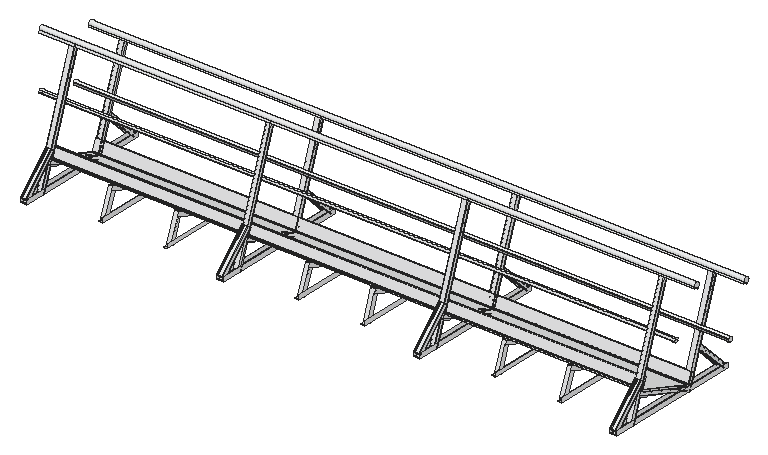
Revit family "Walkway_Kattsafe_Guardrail2Sides_Levelled", category Specialty Equipment, Revit 2025
Family settings
  Round Connector Dimension = Use Diameter
  Part Type = Normal
  OmniClass Number = 23.13.41.19
  Enable Cutting in Views = No
  Cut with Voids When Loaded = No
  Maintain Annotation Orientation = No
  Shared = No
  Room Calculation Point = No
Parameters (values of type "Type 1")
  WalkwayWidth = 600 mm  # constant formula
  WalkwayMaterial = Aluminum_Kattsafe_Mesh_Walkway
  WalkwayEnd2AngleCalc [instance] = if(1 = 1, 90.00° - WalkwayAngleEnd2, 0.00°)  # 90.00°
  WalkwayAngleEnd2 [instance] = 0.00°
  WalkwayEnd1AngleCalc [instance] = if(1 = 1, 90.00° - WalkwayAngleEnd1, 0.00°)  # 90.00°
  WalkwayAngleEnd1 [instance] = 0.00°
  Uniclass2015Version = "Products v1.23"
  Uniclass2015Title = "Working platforms"
  Uniclass2015Code = "Pr_40_70_75_96"
  URL = "https://kattsafe.com.au/"
  Type IFC Predefined Type = "USERDEFINED"
  Type Comments = "Walkway - Guardrail Both Sides - Levelled"
  ToeboardSide2Option [instance] = if(and(HandrailEnd2ReturnOptionCalc, Toeboard1), 1 > 0, 1 < 0)  # no
  ToeboardSide1Option [instance] = if(and(HandrailEnd1ReturnOptionCalc, Toeboard1), 1 > 0, 1 < 0)  # no
  Toeboard2 [instance] = yes
  Toeboard2End2OffsetLengthCalc2 [instance] = if(Toeboard2OffsetLengthEnd2 < 0 mm, abs(Toeboard2OffsetLengthEnd2), 0 mm)  # 0 mm
  Toeboard2End2OffsetLengthCalc [instance] = if(Toeboard2OffsetLengthEnd2 > 0 mm, Toeboard2OffsetLengthEnd2, 0 mm)  # 0 mm
  Toeboard2OffsetLengthEnd2 [instance] = 0 mm
  Toeboard2End1OffsetLengthCalc2 [instance] = if(Toeboard2OffsetLengthEnd1 < 0 mm, abs(Toeboard2OffsetLengthEnd1), 0 mm)  # 0 mm
  Toeboard2End1OffsetLengthCalc [instance] = if(Toeboard2OffsetLengthEnd1 > 0 mm, Toeboard2OffsetLengthEnd1, 0 mm)  # 0 mm
  Toeboard2OffsetLengthEnd1 [instance] = 0 mm
  Toeboard1 [instance] = yes
  Toeboard1End2OffsetLengthCalc2 [instance] = if(Toeboard1OffsetLengthEnd2 < 0 mm, abs(Toeboard1OffsetLengthEnd2), 0 mm)  # 0 mm
  Toeboard1End2OffsetLengthCalc [instance] = if(Toeboard1OffsetLengthEnd2 > 0 mm, Toeboard1OffsetLengthEnd2, 0 mm)  # 0 mm
  Toeboard1OffsetLengthEnd2 [instance] = 0 mm
  Toeboard1End1OffsetLengthCalc2 [instance] = if(Toeboard1OffsetLengthEnd1 < 0 mm, abs(Toeboard1OffsetLengthEnd1), 0 mm)  # 0 mm
  Toeboard1End1OffsetLengthCalc [instance] = if(Toeboard1OffsetLengthEnd1 > 0 mm, Toeboard1OffsetLengthEnd1, 0 mm)  # 0 mm
  Toeboard1OffsetLengthEnd1 [instance] = 0 mm
  SafetyDisclaimer [instance] = "WARNING! The correct placement of access, fall protection and facade maintenance systems is critical to ensure it is fit-for-purpose and safe for the operator to use. Did you know Kattsafe® have a dedicated team of Height Safety System Design Specialists? Kattsafe® provide one-on-one consultation and system design assistance to ensure you are meeting the stringent requirements of height safety and to give you PEACE OF MIND with your project."  # constant formula
  RoofPitchCalc [instance] = if(1 = 1, RoofPitch + 90.00°, 0.00°)  # 110.00°
  RoofPitch [instance] = 20.00°
  Rail2ClosureBendEnd2 [instance] = no
  Rail2ClosureBendEnd1 [instance] = no
  Rail1ClosureBendEnd2 [instance] = no
  Rail1ClosureBendEnd1 [instance] = no
  PostsSingleOption [instance] = if(and(([built-in parameter 1001306] - 56 mm - PostOffsetLengthEnd1 - PostOffsetLengthEnd2 - (PostsOffsetLength * 2)) < 1 mm, ([built-in parameter 1001306] - 56 mm - PostOffsetLengthEnd1 - PostOffsetLengthEnd2) > 1999 mm), 1 > 0, 1 < 0)  # no
  PostsActualNumberOf [instance] = PostsOffsetLengthCalc3  # 4
  PostOffsetLengthEnd2 [instance] = 0 mm
  PostsOffsetLengthCalc3 [instance] = if(PostsOffsetLengthCalc > PostsOffsetLengthCalc2, rounddown(PostsOffsetLengthCalc2), PostsOffsetLengthCalc)  # 4
  PostsOffsetLengthCalc2 [instance] = (PostsOverallLength / PostsMaxSpacingLength) + 2  # 4.972
  PostsOffsetLengthCalc [instance] = (PostsOverallLength / PostsMaxSpacingLength) + 2  # 5
  PostsNumberOfCalc3 [instance] = if(and(PostsNumberOfCalc > PostsNumberOfCalc2, PostsOverallLength > PostsMaxSpacingLength * 2), rounddown(PostsNumberOfCalc2), if(PostsOverallLength < (PostsMaxSpacingLength * 2) + 1 mm, 2, PostsNumberOfCalc))  # 2
  PostsNumberOfCalc2 [instance] = (PostsOverallLength / PostsMaxSpacingLength)  # 2.972
  PostsNumberOfCalc [instance] = (PostsOverallLength / PostsMaxSpacingLength)  # 3
  PostsMaxSpacingLength = 2000 mm  # constant formula
  PostsHeight = if(1 = 1, ManufacturerOverallHeightCalc - 42 mm, 0 mm)  # 1003 mm
  PostOffsetLengthEnd1 [instance] = 0 mm
  PostsArrayOption [instance] = if(([built-in parameter 1001306] - 56 mm - PostOffsetLengthEnd1 - PostOffsetLengthEnd2 - (PostsOffsetLength * 2)) < 1 mm, 1 < 0, 1 > 0)  # yes
  PostsOverallLength [instance] = ([built-in parameter 1001306] - 56 mm - PostOffsetLengthEnd1 - PostOffsetLengthEnd2)  # 5944 mm
  Material = Aluminum_Kattsafe_Satin
  ManufacturerOverallHeightCalc = if(ManufacturerOverallHeight < 955 mm, 955 mm, if(ManufacturerOverallHeight > 1055 mm, 1055 mm, ManufacturerOverallHeight))  # 1045 mm
  KneerailOffsetHeightCalc2 [instance] = if(KneerailOffsetHeight > 450 mm, 450 mm, KneerailOffsetHeight)  # 435 mm
  KneerailOffsetHeightCalc [instance] = if(or(Rail1ClosureBendEnd1, Rail1ClosureBendEnd2), 435 mm, KneerailOffsetHeightCalc2)  # 435 mm
  KneerailOffsetHeight [instance] = 435 mm
  PostsOffsetLength [instance] = PostsOverallLength / (PostsOffsetLengthCalc3 - 1)  # 1981.333 mm
  KneerailEnd2ReturnOffsetLengthCalc [instance] = HandrailReturnOverhangLengthEnd2 + KneerailReturnOffsetLengthEnd2  # 600 mm
  KneerailReturnOffsetLengthEnd2 [instance] = 0 mm
  KneerailEnd1ReturnOffsetLengthCalc [instance] = HandrailReturnOverhangLengthEnd1 + KneerailReturnOffsetLengthEnd1  # 600 mm
  KneerailReturnOffsetLengthEnd1 [instance] = 0 mm
  Kneerail2End2OverhangLengthCalc [instance] = if(Rail2ClosureBendEnd2, 200 mm, Handrail2End2OverhangLengthCalc + Kneerail2OffsetLengthEnd2)  # 300 mm
  Kneerail2OffsetLengthEnd2 [instance] = 0 mm
  Kneerail2End1OverhangLengthCalc [instance] = if(Rail2ClosureBendEnd1, 200 mm, Handrail2End1OverhangLengthCalc + Kneerail2OffsetLengthEnd1)  # 300 mm
  Kneerail2OffsetLengthEnd1 [instance] = 0 mm
  Kneerail1End2OverhangLengthCalc [instance] = if(Rail1ClosureBendEnd2, 200 mm, Handrail1End2OverhangLengthCalc + Kneerail1OffsetLengthEnd2)  # 200 mm
  Kneerail1OffsetLengthEnd2 [instance] = -100 mm
  Kneerail1End1OverhangLengthCalc [instance] = if(Rail1ClosureBendEnd1, 200 mm, Handrail1End1OverhangLengthCalc + Kneerail1OffsetLengthEnd1)  # 200 mm
  Kneerail1OffsetLengthEnd1 [instance] = -100 mm
  KneerailAngledOffsetHeight [instance] = KneerailOffsetHeightCalc + (-HandrailAngledOffsetHeight)  # 492 mm
  HandrailReturnOverhangLengthEnd2 [instance] = 600 mm
  HandrailEnd2ReturnOptionCalc [instance] = if(and(HandrailReturnEnd2, WalkwayAngleEnd2 = 0.00°), 1 > 0, 1 < 0)  # no
  HandrailReturnEnd2 [instance] = no
  HandrailReturnOverhangLengthEnd1 [instance] = 600 mm
  HandrailEnd1ReturnOptionCalc [instance] = if(and(HandrailReturnEnd1, WalkwayAngleEnd1 = 0.00°), 1 > 0, 1 < 0)  # no
  HandrailReturnEnd1 [instance] = no
  Handrail2End2OverhangLengthCalc [instance] = if(Rail2ClosureBendEnd2, 0 mm, Handrail2OverhangLengthEnd2)  # 300 mm
  Handrail2OverhangLengthEnd2 [instance] = 300 mm
  Handrail2End1OverhangLengthCalc [instance] = if(Rail2ClosureBendEnd1, 0 mm, Handrail2OverhangLengthEnd1)  # 300 mm
  Handrail2OverhangLengthEnd1 [instance] = 300 mm
  Handrail1End2OverhangLengthCalc [instance] = if(Rail1ClosureBendEnd2, 0 mm, Handrail1OverhangLengthEnd2)  # 300 mm
  Handrail1OverhangLengthEnd2 [instance] = 300 mm
  Handrail1End1OverhangLengthCalc [instance] = if(Rail1ClosureBendEnd1, 0 mm, Handrail1OverhangLengthEnd1)  # 300 mm
  Handrail1OverhangLengthEnd1 [instance] = 300 mm
  ModifiedIssue = 20240430
  Model = "GW7"
  ManufacturerURLProductSpecific = "https://kattsafe.com.au/products/guardrails-walkway/guardrail-and-walkway-gw"
  ManufacturerSpecCode = Model  # "GW7"
  ManufacturerOverallWidth = WalkwayWidth + 800 mm  # 1400 mm
  ManufacturerOverallLength [instance] = [built-in parameter 1001306]  # 6000 mm
  ManufacturerOverallHeight = 1045 mm
  Manufacturer = "Kattsafe®"  # constant formula
  built-in parameter 1001306 [instance] = 6000 mm
  IfcExportType = "USERDEFINED"
  IfcExportAs = "IfcBuildingElementProxy"
  HandrailClosureAngledOffsetHeight = -532 mm  # constant formula
  HandrailAngledOffsetHeight = -57 mm  # constant formula
  GuardrailHeight = ManufacturerOverallHeightCalc - 55 mm  # 990 mm
  Export Type to IFC As = "IfcBuildingElementProxy"
  ElementType = "Roof Walkway"
  Description = "Kattsafe guardrail systems are the preferred method of safe access across roofs and areas close to a fall edge. The system requires no specialist PPE, personnel or training to safely prevent a fall with a walkway to designate a safe path of access across the roof surface."  # constant formula
  Default Elevation = 0 mm
  CreatedBy = "IGS BIM Solutions"  # constant formula
  CreatedByURL = "https://igsgroup.com.au"
  BattensSingleOption [instance] = if(PostsActualNumberOf < 3, 1 > 0, 1 < 0)  # no
  BattensArrayNumberOf [instance] = if(PostsActualNumberOf < 3, 2, PostsActualNumberOf - 1)  # 3
  BattensArrayOption [instance] = if(PostsActualNumberOf < 3, 1 < 0, 1 > 0)  # yes
  BattensActualNumberOf [instance] = if((PostsOffsetLength) < 670 mm, 0, if((PostsOffsetLength) < 1000 mm, (BattensArrayNumberOf), ((BattensArrayNumberOf) * 2)))  # 6
  Assembly Code = "E1090100"
Reference planes
  plane 1 "Walkway_Front": y = -587.5
  plane 2 "Bottom": z = 0
  plane 3 "Left": x = 0
  plane 4 "Right": x = 6000
  plane 5 "Top": z = 1045
  plane 6 "Post_Back": y = -600
  plane 7 "Walkway_Bottom": z = 42
  plane 8 "Post_Centre (Front/Back)": y = -619
  plane 9 "Kneerail_Top": z = 553
  plane 10 "Handrail_Bottom": z = 988
  plane 11 "Post_Array_Left": x = 2009.333
  plane 12 "Post_Array_Right": x = 3990.667
  plane 13 "Center (Front/Back)": y = -293.75
  plane 14 "Center (Left/Right)": x = 3000
  plane 15 "Post_Left_Centre (Left/Right)": x = 28
  plane 16 "Kneerail1_Left": x = -200
  plane 17 "Post_Left": x = 0
  plane 18 "Handrail1_Left": x = -300
  plane 19 "Post_Right_Centre (Left/Right)": x = 5972
  plane 20 "Kneerail1_Right": x = 6200
  plane 21 "Post_Right": x = 6000
  plane 22 "Handrail1_Right": x = 6300
  plane 23 "Walkway_Top": z = 55
  plane 24 "Post_Front": y = -638
  plane 25 "Left_Calc": x = 0
  plane 26 "Right_Calc": x = 6000
  plane 27 "Toeboard_Bottom": z = 65
  plane 28 "Kneerail2_Left": x = -300
  plane 29 "Handrail2_Left": x = -300
  plane 30 "Kneerail2_Right": x = 6300
  plane 31 "Handrail2_Right": x = 6300
  plane 32 "Walkway_Back": y = 12.5
  plane 33 "Toeboard1_Left": x = 0
  plane 34 "Toeboard1_Left_Calc": x = 0
  plane 35 "Handrail_2_Right": x = 6000
  plane 36 "Toeboard1_Right_Calc": x = 6000
Lines and regions (mm)
  reference lines
    curve 1: line (0, -524.463, 0) -> (6000, -524.463, 0)
    curve 2: line (0, -587.5, 0) -> (0.961, -587.5, 0)
    curve 3: line (6000, -587.5, 0) -> (5998.961, -587.5, 0)
    curve 4: line (0, -638, 0) -> (0, -197.133, 1211.271)
    curve 5: line (0, 82.837, 42) -> (0, -540.18, 268.759)
    curve 6: line (0, 67.55, 0) -> (0, 425.883, 984.512)
    curve 7: line (0, 87.283, 54.216) -> (0, -535.733, 280.975)
    curve 8: line (0, 75.537, 58.491) -> (0, -488.279, 263.703)
    curve 9: line (0, 75.537, 58.491) -> (0, -488.279, 263.703)
    curve 10: line (-600, 75.537, 58.491) -> (6600, 75.537, 58.491)
    curve 11: line (6000, 75.537, 58.491) -> (6000, -435.478, 244.485)
    curve 12: line (6000, 414.137, 988.787) -> (6000, -318.824, 1255.563)
    curve 13: line (6000, 414.137, 988.787) -> (6000, -318.824, 1255.563)
    curve 14: line (6000, 414.137, 988.787) -> (6000, -318.824, 1255.563)
    curve 15: line (0, 75.537, 58.491) -> (0, -488.279, 263.703)
    curve 16: line (0, 75.537, 58.491) -> (0, -488.279, 263.703)
Text (mm)
  text "Disclaimer:\nDue to ongoing product development and manufacturing \nevolution, product details are subject to change without \nnotice. Please refer to product technical data sheets on \nthe manufacturers website for the most current product \ninformation. Please allow a +/- 5mm manufacturing \ntolerance for dimensions and set-outs shown in product \nliterature." at (10360.567, 2349.183, 0), in view "Ref. Level"
Dimensions and locks
  "built-in parameter 1001306": plane 3 "Left" to plane 4 "Right"
  "ManufacturerOverallHeightCalc": plane 5 "Top" to plane 2 "Bottom"
  "KneerailOffsetHeightCalc": plane 10 "Handrail_Bottom" to plane 9 "Kneerail_Top"
  "PostsOffsetLength": plane 12 "Post_Array_Right" to plane 19 "Post_Right_Centre (Left/Right)"
  locked: plane 5 "Top" to plane 10 "Handrail_Bottom" at 57
  "PostsOffsetLength": plane 15 "Post_Left_Centre (Left/Right)" to plane 11 "Post_Array_Left"
  locked: plane 17 "Post_Left" to plane 15 "Post_Left_Centre (Left/Right)" at 28
  "PostOffsetLengthEnd1": plane 25 "Left_Calc" to plane 17 "Post_Left"
  "Handrail1End1OverhangLengthCalc": plane 18 "Handrail1_Left" to plane 17 "Post_Left"
  "Kneerail1End1OverhangLengthCalc": plane 16 "Kneerail1_Left" to plane 17 "Post_Left"
  locked: plane 21 "Post_Right" to plane 19 "Post_Right_Centre (Left/Right)" at 28
  equal spacing: plane 3 "Left", plane 14 "Center (Left/Right)", plane 4 "Right"
  "PostOffsetLengthEnd2": plane 21 "Post_Right" to plane 26 "Right_Calc"
  "Kneerail1End2OverhangLengthCalc": plane 21 "Post_Right" to plane 20 "Kneerail1_Right"
  "Handrail1End2OverhangLengthCalc": plane 21 "Post_Right" to plane 22 "Handrail1_Right"
  locked: plane 7 "Walkway_Bottom" to plane 2 "Bottom" at 42
  locked: plane 23 "Walkway_Top" to plane 7 "Walkway_Bottom" at 13
  locked: curve 4 to nested 7 at 19
  locked: curve 4 to nested 8 at 38
  locked: curve 4 to nested 9 at 19
  locked: plane 3 "Left" to plane 25 "Left_Calc"
  locked: plane 26 "Right_Calc" to plane 4 "Right"
  curve 4 to nested 11 = 41 mm
  locked: plane 27 "Toeboard_Bottom" to plane 23 "Walkway_Top" at 10
  locked: curve 5 to curve 5 at 663
  locked: nested 12 to curve 4 at 50.5
  locked: curve 5 to nested 11 at 23
  group 1 to group 2 = 1981.333 mm
  group 1 to group 2 = 0 mm  (x2)
  equal spacing: group 3, group 4, group 5  (x3)
  locked: curve 6 to nested 15 at 19
  locked: nested 17 to curve 6
  locked: curve 6 to nested 16 at 19
  locked: curve 6 to nested 18 at 19
  "Handrail2End1OverhangLengthCalc": plane 29 "Handrail2_Left" to plane 17 "Post_Left"
  "Kneerail2End1OverhangLengthCalc": plane 28 "Kneerail2_Left" to plane 17 "Post_Left"
  "Handrail2End2OverhangLengthCalc": plane 21 "Post_Right" to plane 31 "Handrail2_Right"
  "Kneerail2End2OverhangLengthCalc": plane 21 "Post_Right" to plane 30 "Kneerail2_Right"
  locked: nested 19 to curve 6 at 3
  locked: curve 5 to nested 19 at 23
  plane 1 "Walkway_Front" to plane 6 "Post_Back" = 12.5 mm
  equal spacing: plane 32 "Walkway_Back", plane 13 "Center (Front/Back)", plane 6 "Post_Back"
  "WalkwayWidth": plane 32 "Walkway_Back" to plane 1 "Walkway_Front"
  equal spacing: plane 24 "Post_Front", plane 8 "Post_Centre (Front/Back)", plane 6 "Post_Back"
  locked: plane 24 "Post_Front" to plane 6 "Post_Back" at 38
  locked: curve 7 to curve 7 at 663
  locked: curve 5 to curve 7 at 13
  "GuardrailHeight": curve 7 to curve 4
  "GuardrailHeight": curve 7 to curve 6
  locked: curve 5 to nested 20 at 23
  locked: curve 4 to nested 20 at 16
  locked: curve 4 to nested 21 at 16
  locked: nested 21 to curve 5 at 23
  locked: nested 20 to plane 25 "Left_Calc" at 12.5
  locked: plane 26 "Right_Calc" to nested 21 at 12.5
  locked: curve 4 to nested 22 at 19
  locked: curve 4 to nested 23 at 19
  locked: curve 4 to nested 24 at 53.712
  locked: curve 4 to nested 25 at 53.712
  locked: curve 8 to curve 7
  locked: curve 4 to curve 8 at 50.5
  "WalkwayWidth": curve 1 to curve 10
  locked: curve 9 to curve 10
  locked: curve 11 to curve 10
  locked: curve 11 to curve 1
  "Toeboard2End2OffsetLengthCalc": curve 12 to curve 14
  "Toeboard2End2OffsetLengthCalc2": curve 13 to curve 14
  "Toeboard2End1OffsetLengthCalc": curve 16 to curve 9
  "Toeboard2End1OffsetLengthCalc2": curve 16 to curve 15
  "Toeboard1End1OffsetLengthCalc": plane 34 "Toeboard1_Left_Calc" to plane 25 "Left_Calc"
  "Toeboard1End1OffsetLengthCalc2": plane 34 "Toeboard1_Left_Calc" to plane 33 "Toeboard1_Left"
  "Toeboard1End2OffsetLengthCalc": plane 26 "Right_Calc" to plane 36 "Toeboard1_Right_Calc"
  "Toeboard1End2OffsetLengthCalc2": plane 35 "Handrail_2_Right" to plane 36 "Toeboard1_Right_Calc"
  "RoofPitchCalc": angle plane 2 "Bottom" to curve 4
  "RoofPitch": angle plane 2 "Bottom" to curve 5
  "RoofPitchCalc": angle plane 2 "Bottom" to curve 6
  "RoofPitch": angle plane 2 "Bottom" to curve 7
  "WalkwayEnd1AngleCalc": angle curve 1 to curve 8
  "WalkwayEnd2AngleCalc": angle curve 11 to curve 1
  aligned and locked: plane 4 "Right" to curve 1
  aligned and locked: plane 3 "Left" to curve 1
  aligned and locked: level to plane 2 "Bottom"
  aligned and locked: plane 4 "Right" to curve 3
  aligned and locked: plane 2 "Bottom" to nested 1
  aligned and locked: plane 2 "Bottom" to nested 2
  aligned and locked: plane 11 "Post_Array_Left" to nested 3
  aligned and locked: plane 2 "Bottom" to nested 3
  aligned and locked: plane 11 "Post_Array_Left" to nested 4
  aligned and locked: plane 17 "Post_Left" to nested 1
  aligned and locked: plane 21 "Post_Right" to nested 2
  aligned and locked: plane 15 "Post_Left_Centre (Left/Right)" to nested 5
  aligned and locked: plane 2 "Bottom" to nested 5
  aligned and locked: plane 15 "Post_Left_Centre (Left/Right)" to nested 6
  aligned and locked: plane 2 "Bottom" to nested 6
  aligned and locked: plane 2 "Bottom" to curve 4
  aligned and locked: plane 24 "Post_Front" to curve 4
  aligned and locked: nested 9 to plane 18 "Handrail1_Left"
  aligned and locked: plane 18 "Handrail1_Left" to nested 7
  aligned and locked: plane 16 "Kneerail1_Left" to nested 8
  aligned and locked: plane 20 "Kneerail1_Right" to nested 8
  aligned and locked: plane 22 "Handrail1_Right" to nested 7
  aligned and locked: plane 22 "Handrail1_Right" to nested 10
  aligned and locked: nested 12 to curve 5
  aligned and locked: plane 25 "Left_Calc" to nested 12
  aligned and locked: plane 26 "Right_Calc" to nested 12
  aligned and locked: nested 1 to plane 6 "Post_Back"
  aligned and locked: nested 3 to plane 6 "Post_Back"
  aligned and locked: nested 2 to plane 6 "Post_Back"
  aligned and locked: plane 12 "Post_Array_Right" to nested 13
  aligned and locked: nested 13 to plane 6 "Post_Back"
  aligned and locked: plane 2 "Bottom" to nested 13
  aligned and locked: plane 6 "Post_Back" to nested 5
  aligned and locked: plane 11 "Post_Array_Left" to nested 14
  aligned and locked: plane 6 "Post_Back" to nested 14
  aligned and locked: plane 2 "Bottom" to nested 14
  aligned and locked: plane 6 "Post_Back" to nested 6
  aligned and locked: plane 29 "Handrail2_Left" to nested 18
  aligned and locked: plane 29 "Handrail2_Left" to nested 15
  aligned and locked: nested 17 to plane 28 "Kneerail2_Left"
  aligned and locked: nested 17 to plane 30 "Kneerail2_Right"
  aligned and locked: nested 16 to plane 31 "Handrail2_Right"
  aligned and locked: plane 31 "Handrail2_Right" to nested 15
  aligned and locked: plane 7 "Walkway_Bottom" to curve 5
  aligned and locked: plane 2 "Bottom" to curve 6
  aligned and locked: curve 7 to nested 20
  aligned and locked: curve 7 to nested 21
  aligned and locked: plane 18 "Handrail1_Left" to nested 22
  aligned and locked: plane 22 "Handrail1_Right" to nested 23
  aligned and locked: plane 20 "Kneerail1_Right" to nested 25
  aligned and locked: plane 16 "Kneerail1_Left" to nested 24
  aligned and locked: curve 12 to curve 11
  aligned and locked: curve 13 to nested 19
  aligned and locked: curve 15 to nested 19
  aligned and locked: plane 35 "Handrail_2_Right" to nested 11
  aligned and locked: plane 33 "Toeboard1_Left" to nested 11
Automatic sketch dimensions
  plane 3 "Left" to curve 2 = 0.961 mm
  curve 3 to plane 4 "Right" = 1.039 mm
  curve 2 to plane 3 "Left" = 0 mm
  plane 1 "Walkway_Front" to curve 3 = 0 mm
  plane 1 "Walkway_Front" to curve 2 = 0 mm
  curve 7 to curve 10 = 12.5 mm
  curve 10 to curve 7 = 600 mm
  curve 7 to curve 10 = 6600 mm
  curve 13 to curve 12 = 0 mm
  curve 14 to curve 12 = 0 mm
  curve 12 to curve 14 = 780 mm
  curve 13 to curve 14 = 0 mm
  curve 12 to curve 13 = 0 mm
  curve 16 to curve 8 = 0 mm
  curve 15 to curve 8 = 0 mm  (x2)
  curve 16 to curve 15 = 0 mm
  curve 9 to curve 15 = 0 mm
Nested families
  nested 1: "z_Walkway_RoofMount_Kattsafe_2Guardrail_Levelled" at (58.285, -600, 0), ManufacturerOverallHeight <- "PostsHeight", RoofPitch <- "RoofPitch", type "GW357"
    with RoofPitch_Calc 110.00°, RoofPitch 20.00°, ManufacturerOverallHeight 1003 mm
  nested 2: "z_Walkway_RoofMount_Kattsafe_2Guardrail_Levelled" at (5993.285, -600, 0), ManufacturerOverallHeight <- "PostsHeight", RoofPitch <- "RoofPitch", type "GW357"
    with RoofPitch_Calc 110.00°, RoofPitch 20.00°, ManufacturerOverallHeight 1003 mm
  nested 3: "z_Walkway_RoofMount_Kattsafe_2Guardrail_Levelled" at (2035.118, -600, 0), ManufacturerOverallHeight <- "PostsHeight", visible <- "PostsArrayOption", RoofPitch <- "RoofPitch", type "GW357"
    with RoofPitch_Calc 110.00°, RoofPitch 20.00°, ManufacturerOverallHeight 1003 mm
  nested 4: "z_Walkway_RoofMount_Kattsafe_2Guardrail_Levelled" at (2035.118, -600, 0), ManufacturerOverallHeight <- "PostsHeight", visible <- "PostsSingleOption", RoofPitch <- "RoofPitch", type "GW357"
    with RoofPitch_Calc 110.00°, RoofPitch 20.00°, ManufacturerOverallHeight 1003 mm
  nested 5: "z_Walkway_LevelledBatten_Kattsafe_Array_2Guardrail" at (53.785, 98, 0), ManufacturerOverallLength <- "PostsOffsetLength", visible <- "BattensArrayOption", RoofPitch <- "RoofPitch", type "GW324"
    with RoofPitch 20.00°, ManufacturerOverallLength 1981.333 mm, Batten_Offset_Length_Calc3 3, Batten_Offset_Length_Calc2 3.9572, Batten_Offset_Length_Calc 4, Batten_Offset_Length 660.444 mm, Batten_Max_Spacing_Length 670 mm, Batten_2_Option yes, Batten_1_Option yes
  nested 6: "z_Walkway_LevelledBatten_Kattsafe_Array_2Guardrail" at (53.785, 98, 0), ManufacturerOverallLength <- "PostsOffsetLength", visible <- "BattensSingleOption", RoofPitch <- "RoofPitch", type "GW324"
    with RoofPitch 20.00°, ManufacturerOverallLength 1981.333 mm, Batten_Offset_Length_Calc3 3, Batten_Offset_Length_Calc2 3.9572, Batten_Offset_Length_Calc 4, Batten_Offset_Length 660.444 mm, Batten_Max_Spacing_Length 670 mm, Batten_2_Option yes, Batten_1_Option yes
  nested 7: "z_Guardrail_Kattsafe_HandrailTube" at (-274.215, -198.774, 1151.21) x (1, 0, 0) z (0, 0.342, 0.9397), built-in parameter 1001364 <- "HandrailAngledOffsetHeight", Material <- "Material", type "GW374"
    with Material Aluminum_Kattsafe_Satin, ManufacturerOverallLength 6600 mm
  nested 8: "z_Guardrail_Kattsafe_KneerailTube" at (-174.215, -313.583, 730.08) x (1, 0, 0) z (0, -0.342, -0.9397), built-in parameter 1001364 <- "KneerailAngledOffsetHeight", Material <- "Material", type "GW375"
    with Material Aluminum_Kattsafe_Satin, ManufacturerOverallLength 6400 mm
  nested 9: "z_Guardrail_Kattsafe_HandrailClosureBend" at (-674.215, -361.234, 704.856) x (1, 0, 0) z (0, 0.342, 0.9397), built-in parameter 1001364 <- "HandrailClosureAngledOffsetHeight", visible <- "Rail1ClosureBendEnd1", Material <- "Material", type "GW387"
    with Material Aluminum_Kattsafe_Satin, ManufacturerOverallLength 400 mm
  nested 10: "z_Guardrail_Kattsafe_HandrailClosureBend" at (6674.215, -361.234, 704.856) x (-1, 0, 0) z (0, 0.342, 0.9397), built-in parameter 1001364 <- "HandrailClosureAngledOffsetHeight", visible <- "Rail1ClosureBendEnd2", Material <- "Material", type "GW387"
    with Material Aluminum_Kattsafe_Satin, ManufacturerOverallLength 400 mm
  nested 11: "z_Guardrail_Kattsafe_ToeBoard" at (25.785, -505.532, 280.625) x (1, 0, 0) z (0, 0.342, 0.9397), visible <- "Toeboard1", Material <- "Material", type "GW320"
    with Material Aluminum_Kattsafe_Satin, ManufacturerOverallLength 6000 mm
  nested 12: "z_Walkway_Kattsafe_Aluminium" at (25.785, -210.817, 148.881) x (1, 0, 0) z (0, 0.342, 0.9397), End1_Angle <- "WalkwayAngleEnd1", End2_Angle <- "WalkwayAngleEnd2", Material <- "Material", ManufacturerOverallWidth <- "WalkwayWidth", WalkwayMaterial <- "WalkwayMaterial", type "GW335.6000"
    with WalkwayMaterial Aluminum_Kattsafe_Mesh_Walkway, Material Aluminum_Kattsafe_Satin, ManufacturerOverallWidth 600 mm, ManufacturerOverallLength 6000 mm, End2_Angle_Calc 90.00°, End2_Angle 0.00°, End1_Angle_Calc 90.00°, End1_Angle 0.00°
  nested 13: "z_Walkway_RoofMount_Kattsafe_2Guardrail_Levelled" at (4016.451, -600, 0), ManufacturerOverallHeight <- "PostsHeight", visible <- "PostsArrayOption", RoofPitch <- "RoofPitch", type "GW357"
    with RoofPitch_Calc 110.00°, RoofPitch 20.00°, ManufacturerOverallHeight 1003 mm
  nested 14: "z_Walkway_LevelledBatten_Kattsafe_Array_2Guardrail" at (2035.118, 98, 0), ManufacturerOverallLength <- "PostsOffsetLength", visible <- "BattensArrayOption", RoofPitch <- "RoofPitch", type "GW324"
    with RoofPitch 20.00°, ManufacturerOverallLength 1981.333 mm, Batten_Offset_Length_Calc3 3, Batten_Offset_Length_Calc2 3.9572, Batten_Offset_Length_Calc 4, Batten_Offset_Length 660.444 mm, Batten_Max_Spacing_Length 670 mm, Batten_2_Option yes, Batten_1_Option yes
  nested 15: "z_Guardrail_Kattsafe_HandrailTube" at (-274.215, 424.242, 924.451) x (1, 0, 0) z (0, 0.342, 0.9397), built-in parameter 1001364 <- "HandrailAngledOffsetHeight", Material <- "Material", type "GW374"
    with Material Aluminum_Kattsafe_Satin, ManufacturerOverallLength 6600 mm
  nested 16: "z_Guardrail_Kattsafe_HandrailClosureBend" at (6674.215, 261.782, 478.097) x (-1, 0, 0) z (0, 0.342, 0.9397), built-in parameter 1001364 <- "HandrailClosureAngledOffsetHeight", visible <- "Rail2ClosureBendEnd2", Material <- "Material", type "GW387"
    with Material Aluminum_Kattsafe_Satin, ManufacturerOverallLength 400 mm
  nested 17: "z_Guardrail_Kattsafe_KneerailTube" at (-274.215, 241.493, 528.049) x (1, 0, 0) z (0, -0.342, -0.9397), built-in parameter 1001364 <- "KneerailAngledOffsetHeight", Material <- "Material", type "GW375"
    with Material Aluminum_Kattsafe_Satin, ManufacturerOverallLength 6600 mm
  nested 18: "z_Guardrail_Kattsafe_HandrailClosureBend" at (-674.215, 261.782, 478.097) x (1, 0, 0) z (0, 0.342, 0.9397), built-in parameter 1001364 <- "HandrailClosureAngledOffsetHeight", visible <- "Rail2ClosureBendEnd1", Material <- "Material", type "GW387"
    with Material Aluminum_Kattsafe_Satin, ManufacturerOverallLength 400 mm
  nested 19: "z_Guardrail_Kattsafe_ToeBoard" at (25.785, 133.832, 154.333) x (1, 0, 0) z (0, -0.342, -0.9397), visible <- "Toeboard2", Material <- "Material", type "GW320"
    with Material Aluminum_Kattsafe_Satin, ManufacturerOverallLength 6000 mm
  nested 20: "z_Guardrail_Kattsafe_ToeBoard" at (-22, 66.474, 72.432) x (0, -0.9397, 0.342) z (0, 0.342, 0.9397), visible <- "ToeboardSide1Option", Material <- "Material", type "GW320"
    with Material Aluminum_Kattsafe_Satin, ManufacturerOverallLength 647 mm
  nested 21: "z_Guardrail_Kattsafe_ToeBoard" at (6022, -493.049, 276.081) x (0, 0.9397, -0.342) z (0, 0.342, 0.9397), visible <- "ToeboardSide2Option", Material <- "Material", type "GW320"
    with Material Aluminum_Kattsafe_Satin, ManufacturerOverallLength 647 mm
  nested 22: "z_Guardrail_Kattsafe_HandrailTube" at (-275, -174.545, 1142.391) x (0, 0.9397, -0.342) z (0, 0.342, 0.9397), built-in parameter 1001364 <- "HandrailAngledOffsetHeight", ManufacturerOverallLength <- "HandrailReturnOverhangLengthEnd1", visible <- "HandrailEnd1ReturnOptionCalc", Material <- "Material", type "GW374"
    with Material Aluminum_Kattsafe_Satin, ManufacturerOverallLength 600 mm
  nested 23: "z_Guardrail_Kattsafe_HandrailTube" at (6275, -174.545, 1142.391) x (0, 0.9397, -0.342) z (0, 0.342, 0.9397), built-in parameter 1001364 <- "HandrailAngledOffsetHeight", ManufacturerOverallLength <- "HandrailReturnOverhangLengthEnd2", visible <- "HandrailEnd2ReturnOptionCalc", Material <- "Material", type "GW374"
    with Material Aluminum_Kattsafe_Satin, ManufacturerOverallLength 600 mm
  nested 24: "z_Guardrail_Kattsafe_KneerailTube" at (-182.85, 224.652, 534.178) x (0, -0.9397, 0.342) z (0, -0.342, -0.9397), built-in parameter 1001364 <- "KneerailAngledOffsetHeight", ManufacturerOverallLength <- "KneerailEnd1ReturnOffsetLengthCalc", visible <- "HandrailEnd1ReturnOptionCalc", Material <- "Material", type "GW375"
    with Material Aluminum_Kattsafe_Satin, ManufacturerOverallLength 600 mm
  nested 25: "z_Guardrail_Kattsafe_KneerailTube" at (6182.85, -290.705, 721.753) x (0, 0.9397, -0.342) z (0, -0.342, -0.9397), built-in parameter 1001364 <- "KneerailAngledOffsetHeight", ManufacturerOverallLength <- "KneerailEnd2ReturnOffsetLengthCalc", visible <- "HandrailEnd2ReturnOptionCalc", Material <- "Material", type "GW375"
    with Material Aluminum_Kattsafe_Satin, ManufacturerOverallLength 600 mm
  nested 26: "z_Walkway_LevelledBatten_Kattsafe_Array_2Guardrail" at (4016.451, 98, 0), ManufacturerOverallLength <- "PostsOffsetLength", visible <- "BattensArrayOption", RoofPitch <- "RoofPitch", type "GW324"
    with RoofPitch 20.00°, ManufacturerOverallLength 1981.333 mm, Batten_Offset_Length_Calc3 3, Batten_Offset_Length_Calc2 3.9572, Batten_Offset_Length_Calc 4, Batten_Offset_Length 660.444 mm, Batten_Max_Spacing_Length 670 mm, Batten_2_Option yes, Batten_1_Option yes
Definition of nested family "z_Walkway_RoofMount_Kattsafe_2Guardrail_Levelled"
  Parameters (values of type "GW357")
    URL = "https://kattsafe.com.au/"
    Type Comments = ""
    RoofPitch_Calc [instance] = if(1 = 1, RoofPitch + 90.00°, 0.00°)  # 110.00°
    RoofPitch [instance] = 20.00°
    ModifiedIssue = 20191010
    Model = "GW357"
    Material = none
    ManufacturerURLProductSpecific = ""
    ManufacturerSpecCode = Model  # "GW357"
    ManufacturerOverallWidth = 65 mm  # constant formula
    ManufacturerOverallHeight [instance] = 1058 mm
    ManufacturerOverallDepth = 1400 mm  # constant formula
    Manufacturer = "SAYFA"  # constant formula
    Keynote = ""
    Description = "Sentry Roof Mount Double Guardrail Post with Walkway Support (Levelled)"
    Default Elevation = 0 mm  # constant formula
    CreatedBy = "IGS BIM Solutions"  # constant formula
    CreatedByURL = "https://igsgroup.com.au"
  Reference planes
    plane 1 "Bottom": z = 0
    plane 2 "Post_Back": y = 0
    plane 3 "Post_Front": y = -38
    plane 4 "Center (Left/Right)": x = -25.785
    plane 5 "Top": z = 1058
    plane 6 "Post_Right": x = 2.215
    plane 7 "Post_Left": x = -53.785
    plane 8 "Front": y = -225.831
    plane 9 "Base Channel_Top": z = 40
    plane 10 "Post_Centre (Front/Back)": y = -19
    plane 11 "Brace_Top": z = 356.198
    plane 12 "Left": x = -58.285
    plane 13 "Right": x = 6.715
    plane 14 "Back": y = 1174.169
  Forms (mm)
    Sweep 1, solid, material <- "Material"
      path origin (-25.785, 0, 0) x (0, 1, 0) y (0, 0, 1)
        loop
          line (1174.169, 40) -> (-225.831, 40)
      profile origin (-25.785, 474.169, 40) x (0, 0, -1) y (1, 0, 0)
        loop
          line (40, 32.5) -> (1.5, 32.5)
          arc (1.5, 32.5) -> (0, 31) -> (1.5, 29.5) r 1.5
          line (1.5, 29.5) -> (37, 29.5) -> (37, 19.5) -> (34.5, 19.5)
          arc (34.5, 19.5) -> (34, 19) -> (34.5, 18.5) r 0.5
          line (34.5, 18.5) -> (37, 18.5) -> (37, -18.5) -> (34.5, -18.5)
          arc (34.5, -18.5) -> (34, -19) -> (34.5, -19.5) r 0.5
          line (34.5, -19.5) -> (37, -19.5) -> (37, -29.5) -> (1.5, -29.5)
          arc (1.5, -29.5) -> (0, -31) -> (1.5, -32.5) r 1.5
          line (1.5, -32.5) -> (40, -32.5) -> (40, 32.5)
    SweptBlend 2, solid, material <- "Material"
      path origin (-25.785, 0, 0) x (0, 1, 0) y (0, 0, 1)
        loop
          line (90.367, 356.198) -> (-225.831, 40)
      profile origin (-25.785, 90.367, 356.198) x (0, 0.707107, -0.707107) y (1, 0, 0)
        loop
          line (0, 32.5) -> (0, -32.5) -> (36.5, -32.5)
          arc (36.5, -32.5) -> (38, -31) -> (36.5, -29.5) r 1.5
          line (36.5, -29.5) -> (3, -29.5) -> (3, -19.5) -> (5.5, -19.5)
          arc (5.5, -19.5) -> (6, -19) -> (5.5, -18.5) r 0.5
          line (5.5, -18.5) -> (3, -18.5) -> (3, 18.5) -> (5.5, 18.5)
          arc (5.5, 18.5) -> (6, 19) -> (5.5, 19.5) r 0.5
          line (5.5, 19.5) -> (3, 19.5) -> (3, 29.5) -> (36.5, 29.5)
          arc (36.5, 29.5) -> (38, 31) -> (36.5, 32.5) r 1.5
          line (36.5, 32.5) -> (0, 32.5)
      end profile origin (-25.785, -225.831, 40) x (0, 0.707107, -0.707107) y (1, 0, 0)
        loop
          line (0, 29.5) -> (0, -35.5) -> (36.5, -35.5)
          arc (36.5, -35.5) -> (38, -34) -> (36.5, -32.5) r 1.5
          line (36.5, -32.5) -> (3, -32.5) -> (3, -22.5) -> (5.5, -22.5)
          arc (5.5, -22.5) -> (6, -22) -> (5.5, -21.5) r 0.5
          line (5.5, -21.5) -> (3, -21.5) -> (3, 15.5) -> (5.5, 15.5)
          arc (5.5, 15.5) -> (6, 16) -> (5.5, 16.5) r 0.5
          line (5.5, 16.5) -> (3, 16.5) -> (3, 26.5) -> (36.5, 26.5)
          arc (36.5, 26.5) -> (38, 28) -> (36.5, 29.5) r 1.5
          line (36.5, 29.5) -> (0, 29.5)
    Sweep 3, solid, material <- "Material"
      path origin (-25.785, 0, 0) x (0, 1, 0) y (0, 0, 1)
        loop
          line (-38, 0) -> (406.391, 1220.954)
      profile origin (-25.785, 184.195, 610.477) x (0, -0.939693, 0.34202) y (1, 0, 0)
        loop
          arc (-38, -23) -> (-36.536, -26.536) -> (-33, -28) r 5
          line (-33, -28) -> (-5, -28)
          arc (-5, -28) -> (-1.464, -26.536) -> (0, -23) r 5
          line (0, -23) -> (0, 23)
          arc (0, 23) -> (-1.464, 26.536) -> (-5, 28) r 5
          line (-5, 28) -> (-33, 28)
          arc (-33, 28) -> (-36.536, 26.536) -> (-38, 23) r 5
          line (-38, 23) -> (-38, -23)
    SweptBlend 4, solid, material <- "Material"
      path origin (-25.785, 0, 0) x (0, 1, 0) y (0, 0, 1)
        loop
          line (682.109, 40) -> (76.947, 260.261)
      profile origin (-25.785, 682.109, 40) x (0, -0.34202, -0.939693) y (1, 0, 0)
        loop
          line (0, 29.5) -> (0, -35.5) -> (35.702, -35.5)
          spline (35.702, -35.5) -> (36.082, -35.449) -> (36.436, -35.299) -> (36.74, -35.061) -> (36.973, -34.75) -> (37.12, -34.388) -> (37.17, -34) -> (37.12, -33.612) -> (36.973, -33.25) -> (36.74, -32.939) -> (36.436, -32.701) -> (36.082, -32.551) -> (35.702, -32.5)
          line (35.702, -32.5) -> (2.934, -32.5) -> (2.934, -22.5) -> (5.38, -22.5)
          spline (5.38, -22.5) -> (5.506, -22.483) -> (5.624, -22.433) -> (5.726, -22.354) -> (5.803, -22.25) -> (5.852, -22.129) -> (5.869, -22) -> (5.852, -21.871) -> (5.803, -21.75) -> (5.726, -21.646) -> (5.624, -21.567) -> (5.506, -21.517) -> (5.38, -21.5)
          line (5.38, -21.5) -> (2.934, -21.5) -> (2.934, 15.5) -> (5.38, 15.5)
          spline (5.38, 15.5) -> (5.506, 15.517) -> (5.624, 15.567) -> (5.726, 15.646) -> (5.803, 15.75) -> (5.852, 15.871) -> (5.869, 16) -> (5.852, 16.129) -> (5.803, 16.25) -> (5.726, 16.354) -> (5.624, 16.433) -> (5.506, 16.483) -> (5.38, 16.5)
          line (5.38, 16.5) -> (2.934, 16.5) -> (2.934, 26.5) -> (35.702, 26.5)
          spline (35.702, 26.5) -> (36.082, 26.551) -> (36.436, 26.701) -> (36.74, 26.939) -> (36.973, 27.25) -> (37.12, 27.612) -> (37.17, 28) -> (37.12, 28.388) -> (36.973, 28.75) -> (36.74, 29.061) -> (36.436, 29.299) -> (36.082, 29.449) -> (35.702, 29.5)
          line (35.702, 29.5) -> (0, 29.5)
      end profile origin (-25.785, 76.947, 260.261) x (0, -0.34202, -0.939693) y (1, 0, 0)
        loop
          line (0, 32.5) -> (0, -32.5) -> (35.702, -32.5)
          spline (35.702, -32.5) -> (36.082, -32.449) -> (36.436, -32.299) -> (36.74, -32.061) -> (36.973, -31.75) -> (37.12, -31.388) -> (37.17, -31) -> (37.12, -30.612) -> (36.973, -30.25) -> (36.74, -29.939) -> (36.436, -29.701) -> (36.082, -29.551) -> (35.702, -29.5)
          line (35.702, -29.5) -> (2.934, -29.5) -> (2.934, -19.5) -> (5.38, -19.5)
          spline (5.38, -19.5) -> (5.506, -19.483) -> (5.624, -19.433) -> (5.726, -19.354) -> (5.803, -19.25) -> (5.852, -19.129) -> (5.869, -19) -> (5.852, -18.871) -> (5.803, -18.75) -> (5.726, -18.646) -> (5.624, -18.567) -> (5.506, -18.517) -> (5.38, -18.5)
          line (5.38, -18.5) -> (2.934, -18.5) -> (2.934, 18.5) -> (5.38, 18.5)
          spline (5.38, 18.5) -> (5.506, 18.517) -> (5.624, 18.567) -> (5.726, 18.646) -> (5.803, 18.75) -> (5.852, 18.871) -> (5.869, 19) -> (5.852, 19.129) -> (5.803, 19.25) -> (5.726, 19.354) -> (5.624, 19.433) -> (5.506, 19.483) -> (5.38, 19.5)
          line (5.38, 19.5) -> (2.934, 19.5) -> (2.934, 29.5) -> (35.702, 29.5)
          spline (35.702, 29.5) -> (36.082, 29.551) -> (36.436, 29.701) -> (36.74, 29.939) -> (36.973, 30.25) -> (37.12, 30.612) -> (37.17, 31) -> (37.12, 31.388) -> (36.973, 31.75) -> (36.74, 32.061) -> (36.436, 32.299) -> (36.082, 32.449) -> (35.702, 32.5)
          line (35.702, 32.5) -> (0, 32.5)
    Sweep 5, solid, material <- "Material"
      path origin (-25.785, 0, 0) x (0, 1, 0) y (0, 0, 1)
        loop
          line (667.55, 0) -> (1029.407, 994.195)
      profile origin (-25.785, 848.479, 497.097) x (0, -0.939693, 0.34202) y (1, 0, 0)
        loop
          arc (-38, -23) -> (-36.536, -26.536) -> (-33, -28) r 5
          line (-33, -28) -> (-5, -28)
          arc (-5, -28) -> (-1.464, -26.536) -> (0, -23) r 5
          line (0, -23) -> (0, 23)
          arc (0, 23) -> (-1.464, 26.536) -> (-5, 28) r 5
          line (-5, 28) -> (-33, 28)
          arc (-33, 28) -> (-36.536, 26.536) -> (-38, 23) r 5
          line (-38, 23) -> (-38, -23)
    SweptBlend 6, solid, material <- "Material"
      path origin (-25.785, 0, 0) x (0, 1, 0) y (0, 0, 1)
        loop
          line (837.634, 356.198) -> (1153.832, 40)
      profile origin (-25.785, 837.634, 356.198) x (0, 0.707107, 0.707107) y (1, 0, 0)
        loop
          line (0, 32.5) -> (-36.5, 32.5)
          arc (-36.5, 32.5) -> (-38, 31) -> (-36.5, 29.5) r 1.5
          line (-36.5, 29.5) -> (-3, 29.5) -> (-3, 19.5) -> (-5.5, 19.5)
          arc (-5.5, 19.5) -> (-6, 19) -> (-5.5, 18.5) r 0.5
          line (-5.5, 18.5) -> (-3, 18.5) -> (-3, -18.5) -> (-5.5, -18.5)
          arc (-5.5, -18.5) -> (-6, -19) -> (-5.5, -19.5) r 0.5
          line (-5.5, -19.5) -> (-3, -19.5) -> (-3, -29.5) -> (-36.5, -29.5)
          arc (-36.5, -29.5) -> (-38, -31) -> (-36.5, -32.5) r 1.5
          line (-36.5, -32.5) -> (0, -32.5) -> (0, 32.5)
      end profile origin (-25.785, 1153.832, 40) x (0, 0.707107, 0.707107) y (1, 0, 0)
        loop
          line (0, 29.5) -> (-36.5, 29.5)
          arc (-36.5, 29.5) -> (-38, 28) -> (-36.5, 26.5) r 1.5
          line (-36.5, 26.5) -> (-3, 26.5) -> (-3, 16.5) -> (-5.5, 16.5)
          arc (-5.5, 16.5) -> (-6, 16) -> (-5.5, 15.5) r 0.5
          line (-5.5, 15.5) -> (-3, 15.5) -> (-3, -21.5) -> (-5.5, -21.5)
          arc (-5.5, -21.5) -> (-6, -22) -> (-5.5, -22.5) r 0.5
          line (-5.5, -22.5) -> (-3, -22.5) -> (-3, -32.5) -> (-36.5, -32.5)
          arc (-36.5, -32.5) -> (-38, -34) -> (-36.5, -35.5) r 1.5
          line (-36.5, -35.5) -> (0, -35.5) -> (0, 29.5)
  Cuts and joins
    joined: Sweep 3, SweptBlend 4
  Lines and regions (mm)
    reference lines
      curve 1: line (-25.785, 92.377, 358.209) -> (-25.785, -225.831, 40)
      curve 2: line (-25.785, -38, 0) -> (-25.785, 406.391, 1220.954)
      curve 3: line (-25.785, 682.109, 40) -> (-25.785, 59.092, 266.759)
      curve 4: line (-25.785, 667.55, 0) -> (-25.785, 1029.407, 994.195)
      curve 5: line (-25.785, 707.989, 0) -> (-25.785, 837.634, 356.198)
      curve 6: line (-25.785, 837.634, 356.198) -> (-25.785, 1153.832, 40)
      curve 7: line (-25.785, 1029.407, 994.195) -> (-25.785, 406.391, 1220.954)
  Dimensions and locks
    "ManufacturerOverallHeight": plane 5 "Top" to plane 1 "Bottom"
    locked: plane 7 "Post_Left" to plane 6 "Post_Right" at 56
    equal spacing: plane 7 "Post_Left", plane 4 "Center (Left/Right)", plane 6 "Post_Right"
    plane 9 "Base Channel_Top" to plane 1 "Bottom" = 40 mm
    Sweep 1 sketch curve to profile plane to Sweep 1 sketch curve = 32.5 mm locked, 32.5 mm locked
    Sweep 1 sketch curve to profile plane to Sweep 1 sketch curve = 29.5 mm locked, 29.5 mm locked
    locked: profile plane to Sweep 1 sketch curve
    locked: profile plane to Sweep 1 sketch curve at 0
    locked: profile plane to Sweep 1 sketch curve at 37  (x3)
    locked: profile plane to Sweep 1 sketch curve at 40
    equal spacing: plane 3 "Post_Front", plane 10 "Post_Centre (Front/Back)", plane 2 "Post_Back"
    locked: profile plane to Sweep 1 sketch curve at 34  (x2)
    Sweep 1 sketch curve to profile plane to Sweep 1 sketch curve = 18.5 mm locked, 18.5 mm locked
    Sweep 1 sketch curve to profile plane to Sweep 1 sketch curve = 19.5 mm locked, 19.5 mm locked
    equal spacing: plane 12 "Left", plane 4 "Center (Left/Right)", plane 13 "Right"
    "ManufacturerOverallWidth": plane 12 "Left" to plane 13 "Right"
    locked: plane 2 "Post_Back" to plane 3 "Post_Front" at 38
    locked: Sweep 3 sketch curve to profile plane at 38
    equal spacing: Sweep 3 sketch curve, profile plane, Sweep 3 sketch curve, locked at 28 each
    locked: Sweep 3 sketch curve to Sweep 3 sketch curve at 56
    locked: curve 2 to Sweep 3 sketch curve at 0
    locked: curve 2 to curve 3 at 663
    locked: curve 2 to SweptBlend 4 sketch curve at 19
    curve 2 to curve 4 = 663 mm
    "ManufacturerOverallHeight": curve 4 to curve 4
    locked: curve 4 to Sweep 5 sketch curve
    Sweep 5 sketch curve to Sweep 5 sketch curve = 56 mm
    locked: Sweep 5 sketch curve to Sweep 5 sketch curve at 56
    plane 3 "Post_Front" to plane 8 "Front" = 187.831 mm
    locked: curve 4 to curve 5 at 38
    locked: curve 1 to Sweep 1 sketch curve at 0
    "ManufacturerOverallDepth": plane 14 "Back" to plane 8 "Front"
    "ManufacturerOverallDepth": Sweep 1 sketch curve to Sweep 1 sketch curve
    radius of Sweep 3 sketch curve = 5 mm  (x4)
    radius of Sweep 5 sketch curve = 5 mm  (x4)
    locked: curve 1 to plane 11 "Brace_Top" (angle 45.00°)
    "RoofPitch_Calc": angle plane 1 "Bottom" to curve 2
    "RoofPitch": angle plane 1 "Bottom" to curve 3
    "RoofPitch_Calc": angle plane 1 "Bottom" to curve 4
    "RoofPitch_Calc": angle plane 1 "Bottom" to curve 5
    locked: plane 11 "Brace_Top" to curve 6 (angle 45.00°)
    angle curve 4 to curve 7 = 90.00°
    aligned and locked: level to plane 1 "Bottom"
    aligned and locked: curve 1 to SweptBlend 2 sketch curve
    aligned and locked: plane 11 "Brace_Top" to SweptBlend 2 sketch curve
    aligned and locked: plane 3 "Post_Front" to curve 2
    aligned and locked: plane 1 "Bottom" to curve 2
    aligned and locked: curve 2 to Sweep 3 sketch curve
    aligned and locked: profile plane to Sweep 3 sketch curve
    aligned and locked: plane 1 "Bottom" to Sweep 3 sketch curve
    aligned and locked: plane 9 "Base Channel_Top" to curve 1
    aligned and locked: curve 3 to SweptBlend 4 sketch curve
    aligned and locked: plane 9 "Base Channel_Top" to curve 3
    aligned and locked: Sweep 5 sketch curve to curve 4
    aligned and locked: plane 1 "Bottom" to Sweep 5 sketch curve
    aligned and locked: plane 1 "Bottom" to curve 4
    aligned and locked: plane 1 "Bottom" to curve 5
    aligned and locked: plane 11 "Brace_Top" to curve 5
    aligned and locked: plane 9 "Base Channel_Top" to curve 6
    aligned and locked: SweptBlend 6 sketch curve to curve 6
    aligned and locked: plane 9 "Base Channel_Top" to SweptBlend 6 sketch curve
  Automatic sketch dimensions
    plane 9 "Base Channel_Top" to SweptBlend 2 sketch curve = 0 mm
    SweptBlend 2 sketch curve to profile plane = 0 mm  (x2)
    SweptBlend 2 sketch curve to profile plane = 3 mm  (x4)
    SweptBlend 2 sketch curve to SweptBlend 2 sketch curve = 0 mm  (x2)
    SweptBlend 2 sketch curve to SweptBlend 2 sketch curve = 2.5 mm  (x4)
    SweptBlend 2 sketch curve to SweptBlend 2 sketch curve = 31 mm  (x4)
    SweptBlend 2 sketch curve to plane 4 "Center (Left/Right)" = 32.5 mm
    SweptBlend 2 sketch curve to SweptBlend 2 sketch curve = 1.5 mm  (x4)
    SweptBlend 2 sketch curve to SweptBlend 2 sketch curve = 10 mm  (x4)
    SweptBlend 2 sketch curve to SweptBlend 2 sketch curve = 0.5 mm  (x4)
    plane 4 "Center (Left/Right)" to SweptBlend 2 sketch curve = 18.5 mm
    SweptBlend 2 sketch curve to plane 4 "Center (Left/Right)" = 35.5 mm
    plane 4 "Center (Left/Right)" to SweptBlend 2 sketch curve = 15.5 mm
    plane 9 "Base Channel_Top" to SweptBlend 4 sketch curve = 0 mm
    SweptBlend 4 sketch curve to profile plane = 0 mm  (x2)
    SweptBlend 4 sketch curve to profile plane = 2.934 mm  (x6)
    SweptBlend 4 sketch curve to SweptBlend 4 sketch curve = 2.445 mm  (x4)
    SweptBlend 4 sketch curve to SweptBlend 4 sketch curve = 30.323 mm  (x4)
    SweptBlend 4 sketch curve to plane 4 "Center (Left/Right)" = 35.5 mm
    SweptBlend 4 sketch curve to SweptBlend 4 sketch curve = 3 mm  (x4)
    SweptBlend 4 sketch curve to SweptBlend 4 sketch curve = 10 mm  (x4)
    SweptBlend 4 sketch curve to SweptBlend 4 sketch curve = 1 mm  (x4)
    plane 4 "Center (Left/Right)" to SweptBlend 4 sketch curve = 15.5 mm
    SweptBlend 4 sketch curve to plane 4 "Center (Left/Right)" = 32.5 mm
    plane 4 "Center (Left/Right)" to SweptBlend 4 sketch curve = 18.5 mm
    Sweep 5 sketch curve to profile plane = 0 mm
    Sweep 5 sketch curve to Sweep 5 sketch curve = 28 mm
    Sweep 5 sketch curve to plane 4 "Center (Left/Right)" = 28 mm
    plane 11 "Brace_Top" to SweptBlend 6 sketch curve = 0 mm
    profile plane to SweptBlend 6 sketch curve = 36.5 mm  (x4)
    profile plane to SweptBlend 6 sketch curve = 5.5 mm  (x4)
    SweptBlend 6 sketch curve to SweptBlend 6 sketch curve = 2.5 mm  (x4)
    SweptBlend 6 sketch curve to SweptBlend 6 sketch curve = 3 mm  (x2)
    SweptBlend 6 sketch curve to plane 4 "Center (Left/Right)" = 32.5 mm
    SweptBlend 6 sketch curve to SweptBlend 6 sketch curve = 1.5 mm  (x4)
    SweptBlend 6 sketch curve to SweptBlend 6 sketch curve = 10 mm  (x4)
    SweptBlend 6 sketch curve to SweptBlend 6 sketch curve = 0.5 mm  (x4)
    plane 4 "Center (Left/Right)" to SweptBlend 6 sketch curve = 18.5 mm
    profile plane to SweptBlend 6 sketch curve = 3 mm  (x2)
    SweptBlend 6 sketch curve to plane 4 "Center (Left/Right)" = 35.5 mm
    plane 4 "Center (Left/Right)" to SweptBlend 6 sketch curve = 15.5 mm
Definition of nested family "z_Walkway_LevelledBatten_Kattsafe_Array_2Guardrail"
  Parameters (values of type "GW324")
    URL = "https://kattsafe.com.au/"
    Type Comments = ""
    RoofPitch [instance] = 20.00°
    ModifiedIssue = 20190910
    Model = "GW324S"
    Material = none
    ManufacturerURLProductSpecific = ""
    ManufacturerSpecCode = Model  # "GW324S"
    ManufacturerOverallWidth = 780 mm  # constant formula
    ManufacturerOverallLength [instance] = 2000 mm
    ManufacturerOverallHeight = 40 mm  # constant formula
    Manufacturer = "Kattsafe®"  # constant formula
    Keynote = ""
    Description = "Pace 600 Walkway Support Batten (Levelled)"
    Default Elevation = 0 mm  # constant formula
    CreatedBy = "IGS BIM Solutions"  # constant formula
    CreatedByURL = "https://igsgroup.com.au"
    Batten_Offset_Length_Calc3 [instance] = if(Batten_Offset_Length_Calc > Batten_Offset_Length_Calc2, rounddown(Batten_Offset_Length_Calc2), Batten_Offset_Length_Calc)  # 3
    Batten_Offset_Length_Calc2 [instance] = ManufacturerOverallLength / (Batten_Max_Spacing_Length) + 1  # 3.9851
    Batten_Offset_Length_Calc [instance] = ManufacturerOverallLength / (Batten_Max_Spacing_Length) + 1  # 4
    Batten_Offset_Length [instance] = ManufacturerOverallLength / (Batten_Offset_Length_Calc3)  # 666.667 mm
    Batten_Max_Spacing_Length [instance] = 670 mm  # constant formula
    Batten_2_Option [instance] = if(Batten_Offset_Length_Calc3 < 3, 1 < 0, 1 > 0)  # yes
    Batten_1_Option [instance] = if(Batten_Offset_Length_Calc2 < 2, 1 < 0, 1 > 0)  # yes
  Reference planes
    plane 1 "Bottom": z = 0
    plane 2 "Back": y = 0
    plane 3 "Front": y = -780
    plane 4 "Left": x = -25.785
    plane 5 "Center (Left/Right)": x = 974.215
    plane 6 "Top": z = 40
    plane 7 "Right": x = 1974.215
    plane 8 "Center (Front/Back)": y = -390
    plane 9 "Batten_1_Centre (Left/Right)": x = 640.882
    plane 10 "Batten_2_Centre (Left/Right)": x = 1307.549
    plane 11 "Brace_Back": y = -698
    plane 12 "Brace_Front": y = -738
  Dimensions and locks
    "ManufacturerOverallHeight": plane 6 "Top" to plane 1 "Bottom"
    equal spacing: plane 4 "Left", plane 5 "Center (Left/Right)", plane 7 "Right"
    "ManufacturerOverallLength": plane 4 "Left" to plane 7 "Right"
    "ManufacturerOverallWidth": plane 2 "Back" to plane 3 "Front"
    equal spacing: plane 3 "Front", plane 8 "Center (Front/Back)", plane 2 "Back"
    "Batten_Offset_Length": plane 4 "Left" to plane 9 "Batten_1_Centre (Left/Right)"
    "Batten_Offset_Length": plane 10 "Batten_2_Centre (Left/Right)" to plane 7 "Right"
    locked: plane 11 "Brace_Back" to plane 3 "Front" at 82
    locked: plane 11 "Brace_Back" to plane 12 "Brace_Front" at 40
    aligned and locked: plane 1 "Bottom" to level
    aligned and locked: plane 1 "Bottom" to nested 1
    aligned and locked: nested 1 to plane 2 "Back"
    aligned and locked: nested 1 to plane 9 "Batten_1_Centre (Left/Right)"
    aligned and locked: nested 2 to plane 10 "Batten_2_Centre (Left/Right)"
    aligned and locked: nested 2 to plane 2 "Back"
  Nested families
    nested 1: "z_Walkway_LevelledBatten_Kattsafe_2Guardrail" at (666.667, -700, 0), visible <- "Batten_1_Option", RoofPitch <- "RoofPitch", Material <- "Material", type "GW324"
      with RoofPitch_Calc 110.00°, RoofPitch 20.00°, Material none
    nested 2: "z_Walkway_LevelledBatten_Kattsafe_2Guardrail" at (1333.333, -700, 0), visible <- "Batten_2_Option", RoofPitch <- "RoofPitch", Material <- "Material", type "GW324"
      with RoofPitch_Calc 110.00°, RoofPitch 20.00°, Material none
  Definition of nested family "z_Walkway_LevelledBatten_Kattsafe_2Guardrail"
    Parameters (values of type "GW324")
      URL = "https://sayfa.com.au"
      Type Comments = ""
      RoofPitch_Calc [instance] = if(1 = 1, RoofPitch + 90.00°, 0.00°)  # 110.00°
      RoofPitch [instance] = 20.00°
      ModifiedIssue = 20190910
      Model = "GW324S"
      Material [instance] = none
      ManufacturerURLProductSpecific = "https://sayfa.com.au/product/gw324-20"
      ManufacturerSpecCode = Model  # "GW324S"
      ManufacturerOverallWidth = 40 mm
      ManufacturerOverallDepth = 780 mm  # constant formula
      Manufacturer = "SAYFA"  # constant formula
      Keynote = ""
      Description = "Pace 600 Walkway Support Batten (Levelled)"
      Default Elevation = 0 mm  # constant formula
      CreatedBy = "IGS BIM Solutions"  # constant formula
      CreatedByURL = "https://igsgroup.com.au"
    Reference planes
      plane 1 "Bottom": z = 0
      plane 2 "Post_Back": y = 2
      plane 3 "Post_Front": y = -38
      plane 4 "Center (Left/Right)": x = -25.785
      plane 5 "Front": y = -80
      plane 6 "Base Channel_Top": z = 40
      plane 7 "Post_Centre (Front/Back)": y = -18
      plane 8 "Left": x = -45.785
      plane 9 "Right": x = -5.785
      plane 10 "Back": y = 700
    Forms (mm)
      Sweep 1, solid, material <- "Material"
        path origin (-25.785, 0, 0) x (0, 1, 0) y (0, 0, 1)
          loop
            line (700, 40) -> (-80, 40)
        profile origin (-25.785, 310, 40) x (0, 0, -1) y (1, 0, 0)
          loop
            line (40, -20) -> (40, 20) -> (0, 20) -> (0, 17) -> (37, 17) -> (37, -20) -> (40, -20)
      Sweep 2, solid, material <- "Material"
        path origin (-25.785, 0, 0) x (0, 1, 0) y (0, 0, 1)
          loop
            line (-36.958, 2.863) -> (59.092, 266.759)
        profile origin (-25.785, 11.067, 134.811) x (0, -0.939693, 0.34202) y (1, 0, 0)
          loop
            line (0, 14) -> (-40, 14) -> (-40, 11) -> (-3, 11) -> (-3, -26) -> (0, -26) -> (0, 14)
      SweptBlend 3, solid, material <- "Material"
        path origin (-25.785, 0, 0) x (0, 1, 0) y (0, 0, 1)
          loop
            line (682.109, 40) -> (59.092, 266.759)
        profile origin (-25.785, 682.109, 40) x (0, -0.34202, -0.939693) y (1, 0, 0)
          loop
            line (0, -23) -> (3, -23) -> (3, 14) -> (40, 14) -> (40, 17) -> (0, 17) -> (0, -23)
        end profile origin (-25.785, 59.092, 266.759) x (0, -0.34202, -0.939693) y (1, 0, 0)
          loop
            line (0, -23) -> (3, -23) -> (3, 14) -> (40, 14) -> (40, 17) -> (0, 17) -> (0, -23)
    Cuts and joins
      joined: Sweep 2, SweptBlend 3
    Lines and regions (mm)
      reference lines
        curve 1: line (-25.785, -38, 0) -> (-25.785, 59.092, 266.759)
        curve 2: line (-25.785, 682.109, 40) -> (-25.785, 59.092, 266.759)
    Dimensions and locks
      plane 6 "Base Channel_Top" to plane 1 "Bottom" = 40 mm
      equal spacing: plane 3 "Post_Front", plane 7 "Post_Centre (Front/Back)", plane 2 "Post_Back"
      equal spacing: plane 8 "Left", plane 4 "Center (Left/Right)", plane 9 "Right"
      "ManufacturerOverallWidth": plane 8 "Left" to plane 9 "Right"
      locked: plane 3 "Post_Front" to plane 5 "Front" at 42
      locked: plane 2 "Post_Back" to plane 3 "Post_Front" at 40
      curve 1 to curve 2 = 663 mm
      locked: SweptBlend 3 sketch curve to curve 1 at 0
      locked: Sweep 1 sketch curve to plane 9 "Right" at 3
      locked: Sweep 1 sketch curve to plane 1 "Bottom" at 3
      locked: Sweep 2 sketch curve to curve 1 at 3.046
      "ManufacturerOverallDepth": plane 10 "Back" to plane 5 "Front"
      locked: Sweep 2 sketch curve to curve 2 at 0
      "RoofPitch_Calc": angle plane 1 "Bottom" to curve 1
      "RoofPitch": angle plane 1 "Bottom" to curve 2
      aligned and locked: level to plane 1 "Bottom"
      aligned and locked: plane 10 "Back" to Sweep 1 sketch curve
      aligned and locked: curve 1 to Sweep 2 sketch curve
      aligned and locked: profile plane to Sweep 2 sketch curve
      aligned and locked: curve 2 to SweptBlend 3 sketch curve
      aligned and locked: plane 8 "Left" to Sweep 1 sketch curve
      aligned and locked: Sweep 1 sketch curve to plane 6 "Base Channel_Top"
      aligned and locked: Sweep 1 sketch curve to plane 9 "Right"
      aligned and locked: plane 6 "Base Channel_Top" to curve 2
      aligned and locked: plane 3 "Post_Front" to curve 1
      aligned and locked: plane 1 "Bottom" to curve 1
    Automatic sketch dimensions
      Sweep 1 sketch curve to plane 5 "Front" = 0 mm
      plane 6 "Base Channel_Top" to Sweep 1 sketch curve = 0 mm
      Sweep 1 sketch curve to Sweep 1 sketch curve = 3 mm
      profile plane to Sweep 2 sketch curve = 3 mm
      plane 4 "Center (Left/Right)" to Sweep 2 sketch curve = 11 mm
      Sweep 2 sketch curve to Sweep 2 sketch curve = 37 mm
      Sweep 2 sketch curve to plane 4 "Center (Left/Right)" = 26 mm
      Sweep 2 sketch curve to Sweep 2 sketch curve = 3 mm
      SweptBlend 3 sketch curve to profile plane = 0 mm
      SweptBlend 3 sketch curve to profile plane = 3 mm  (x2)
      SweptBlend 3 sketch curve to SweptBlend 3 sketch curve = 37 mm  (x2)
      SweptBlend 3 sketch curve to plane 4 "Center (Left/Right)" = 23 mm  (x2)
      plane 4 "Center (Left/Right)" to SweptBlend 3 sketch curve = 14 mm  (x2)
      SweptBlend 3 sketch curve to SweptBlend 3 sketch curve = 3 mm  (x2)
      profile plane to SweptBlend 3 sketch curve = 0 mm
      plane 6 "Base Channel_Top" to SweptBlend 3 sketch curve = 0 mm
Definition of nested family "z_Guardrail_Kattsafe_HandrailTube"
  Parameters (values of type "GW374")
    URL = "https://kattsafe.com.au/"
    Type Comments = ""
    ModifiedIssue = 20190911
    Model = "GW374"
    Material [instance] = none
    ManufacturerURLProductSpecific = ""
    ManufacturerSpecCode = Model  # "GW374"
    ManufacturerOverallWidth = 50 mm  # constant formula
    ManufacturerOverallLength [instance] = 6000 mm
    ManufacturerOverallHeight = 57 mm  # constant formula
    Manufacturer = "SAYFA"  # constant formula
    Keynote = ""
    Description = "Sentry Handrail Tube"
    Default Elevation = 0 mm  # constant formula
    CreatedBy = "IGS BIM Solutions"  # constant formula
    CreatedByURL = "https://igsgroup.com.au"
  Reference planes
    plane 1 "Bottom": z = 0
    plane 2 "Center (Front/Back)": y = 0
    plane 3 "Front": y = -25
    plane 4 "Left": x = -25.785
    plane 5 "Center (Left/Right)": x = 2974.215
    plane 6 "Top": z = 57
    plane 7 "Right": x = 5974.215
    plane 8 "Back": y = 25
    plane 9 "Rail_Top": z = 15
